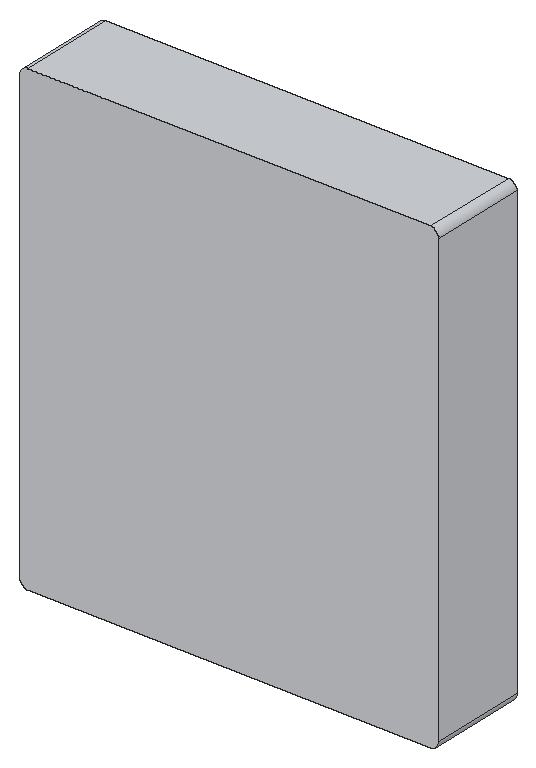
Revit family "Atlas_Sound_IP-SDMF_Wall_Surface_Mounted", category Communication Devices, host Wall, Revit 2016
Family settings
  Host = Wall
  Maintain Annotation Orientation = No
  Part Type = Normal
  Round Connector Dimension = Use Diameter
  Always vertical = Yes
  Cut with Voids When Loaded = No
  Shared = No
  Room Calculation Point = No
Parameters
  Warranty Duration (Years) = 0
  URL = "https://www.atlasied.com/ip-sdmf"
  Specification = ""
  SpecWizard = ""
  Send Message = ""
  Sales Information = ""
  Revision = ""
  Product Properties = ""
  Product Data = "https://www.atlasied.com/f/6028/IP-SDMF_Datasheet.pdf"
  OmniClass Title = ""
  OmniClass Number = ""
  MasterFormat04 Keynote = ""
  Manufacturer's Notes = ""
  Manufacturer Website = "https://www.atlasied.com/"
  Manufacturer Phone - Toll Free = "800-876-3333"
  Manufacturer Phone = "602-438-4545"
  Manufacturer Fax = "602-438-8692"
  Manufacturer Email = ""
  Manufacturer Address = "4545 E. Baseline Rd. Phoenix, AZ 85040"
  Manufacturer = "Atlas Sound"
  Maintenance Schedule (Months) = 0
  Installation-Fabrication = "https://www.atlasied.com/f/5898/ipx-series-endpoint-speaker-install-sheet.pdf"
  Installation Phase = ""
  Green Building-LEED = ""
  Expected Lifespan (Years) = 0
  Drawn By = "Matt Wunch"
  Description = "POE+ indoor wall mount IP speaker with LCD display and LED flashers"
  Copyright = "Arcat, Inc. ©2018"
  Construction Details = ""
  Company_ID = 0
  Category = ""
  Building Codes = ""
Reference planes (in)
  plane 1: y = 0
  plane 2 "Center (Left/Right)": x = 0
  plane 3 "Wall Edge": y = 3
Text (in)
  text "Placement Side" at (0, 40.15149, 123.01588), in view "Right"
  text "Placement Side" at (-70.3804, 28.46503, 0), in view "Ref. Level"
  text "Placement Side" at (0, 81.62555, 140.59947), in view "Left"
Dimensions and locks (in)
  locked: plane 3 "Wall Edge" to host wall
Nested families (in)
  nested 1: "Nested_Family_IP-SDMF" at (0, 3, 48) x (-1, 0, 0) z (0, 1, 0), type "Nested_Family_IP-SDMF"
Connectors (in)
  electrical at (0, 6, 48)
    settings: on nested 1, index 1, voltage 0 V, apparent load 0 VA, apparent load phase1 0 VA, apparent load phase2 0 VA, apparent load phase3 0 VA, power factor 1, load classification "Other", number of poles 1, system type 14, power factor state 1, is connector primary yes, connector utility no, sub classification motor no, connector description ""
Definition of nested family "Nested_Family_IP-SDMF"
  Parameters (values of type "Nested_Family_IP-SDMF")
    Width = 1' - 0 7/8"
    Warranty Duration (Years) = 0
    URL = "https://www.atlasied.com/ip-sm"
    Specification = ""
    SpecWizard = ""
    Send Message = ""
    Sales Information = ""
    Revision = ""
    Product Properties = ""
    Product Data = "https://www.atlasied.com/f/5898/ipx-series-endpoint-speaker-install-sheet.pdf"
    OmniClass Title = ""
    OmniClass Number = ""
    Model = "IP-SM"
    MasterFormat04 Keynote = ""
    Manufacturer's Notes = ""
    Manufacturer Website = "https://www.atlasied.com/"
    Manufacturer Phone - Toll Free = "800-876-3333"
    Manufacturer Phone = "602-438-4545"
    Manufacturer Fax = "602-438-8692"
    Manufacturer Email = ""
    Manufacturer Address = "4545 E. Baseline Rd. Phoenix, AZ 85040"
    Manufacturer = "Atlas Sound"
    Maintenance Schedule (Months) = 0
    Installation-Fabrication = "https://www.atlasied.com/f/5898/ipx-series-endpoint-speaker-install-sheet.pdf"
    Installation Phase = ""
    Height = 1' - 2 3/8"
    Green Building-LEED = ""
    Expected Lifespan (Years) = 0
    Drawn By = "Matt Wunch"
    Description = "POE+ indoor wall / ceiling mount IP speaker with paging microphone"
    Default Elevation = 4' - 0"
    Copyright = "Arcat, Inc. ©2018"
    Construction Details = ""
    Company_ID = 38830
    Category = ""
    Building Codes = ""
  Reference planes (in)
    plane 1 "Center (Front/Back)": y = 0
    plane 2: z = 0
    plane 3 "Center (Left/Right)": x = 0
    plane 4: x = -6.4375
    plane 5: x = 6.4375
    plane 6: y = -7.1875
    plane 7: y = 7.1875
  Forms (in)
    Extrusion 1, solid
      sketch origin (0, 0, 0) x (1, 0, 0) y (0, 1, 0)
        loop
          arc (-6.1875, 7.1875) -> (-6.36428, 7.11428) -> (-6.4375, 6.9375) r 0.25
          line (-6.4375, 6.9375) -> (-6.4375, -6.9375)
          arc (-6.4375, -6.9375) -> (-6.36428, -7.11428) -> (-6.1875, -7.1875) r 0.25
          line (-6.1875, -7.1875) -> (6.1875, -7.1875)
          arc (6.1875, -7.1875) -> (6.36428, -7.11428) -> (6.4375, -6.9375) r 0.25
          line (6.4375, -6.9375) -> (6.4375, 6.9375)
          arc (6.4375, 6.9375) -> (6.36428, 7.11428) -> (6.1875, 7.1875) r 0.25
          line (6.1875, 7.1875) -> (-6.1875, 7.1875)
      from 0 to 3
  Lines and regions (in)
    model lines
      curve 1: line (-6.0625, 6.6875, 3) -> (6.0625, 6.6875, 3)
      curve 2: line (-6.3125, -6.4375, 3) -> (-6.3125, 6.4375, 3)
      curve 3: line (6.0625, -6.6875, 3) -> (-6.0625, -6.6875, 3)
      curve 4: line (6.3125, 6.4375, 3) -> (6.3125, -6.4375, 3)
      curve 5: arc (-6.3125, 6.4375, 3) -> (-6.23928, 6.61428, 3) -> (-6.0625, 6.6875, 3) r 0.25
      curve 6: arc (6.0625, 6.6875, 3) -> (6.23928, 6.61428, 3) -> (6.3125, 6.4375, 3) r 0.25
      curve 7: arc (6.3125, -6.4375, 3) -> (6.23928, -6.61428, 3) -> (6.0625, -6.6875, 3) r 0.25
      curve 8: arc (-6.0625, -6.6875, 3) -> (-6.23928, -6.61428, 3) -> (-6.3125, -6.4375, 3) r 0.25
      curve 9: line (-5.375, -2.1875, 3) -> (5.375, -2.1875, 3)
      curve 10: line (-5.5, -5.5625, 3) -> (-5.5, -2.3125, 3)
      curve 11: line (5.375, -5.6875, 3) -> (2.125, -5.6875, 3)
      curve 12: line (5.5, -2.3125, 3) -> (5.5, -5.5625, 3)
      curve 13: arc (-5.5, -2.3125, 3) -> (-5.46339, -2.22411, 3) -> (-5.375, -2.1875, 3) r 0.125
      curve 14: arc (-5.5, -5.5625, 3) -> (-5.46339, -5.65089, 3) -> (-5.375, -5.6875, 3) r 0.125
      curve 15: arc (5.375, -5.6875, 3) -> (5.46339, -5.65089, 3) -> (5.5, -5.5625, 3) r 0.125
      curve 16: arc (5.5, -2.3125, 3) -> (5.46339, -2.22411, 3) -> (5.375, -2.1875, 3) r 0.125
      curve 17: line (-2, -5.8125, 3) -> (-2, -6.3125, 3)
      curve 18: line (-1.875, -6.4375, 3) -> (1.875, -6.4375, 3)
      curve 19: line (2, -6.3125, 3) -> (2, -5.8125, 3)
      curve 20: arc (-2, -6.3125, 3) -> (-1.96339, -6.40089, 3) -> (-1.875, -6.4375, 3) r 0.125
      curve 21: arc (1.875, -6.4375, 3) -> (1.96339, -6.40089, 3) -> (2, -6.3125, 3) r 0.125
      curve 22: line (-2.125, -5.6875, 3) -> (-5.375, -5.6875, 3)
      curve 23: arc (-2.125, -5.6875, 3) -> (-2.03661, -5.72411, 3) -> (-2, -5.8125, 3) r 0.125
      curve 24: arc (2, -5.8125, 3) -> (2.03661, -5.72411, 3) -> (2.125, -5.6875, 3) r 0.125
  Dimensions and locks (in)
    equal spacing: plane 4, plane 3 "Center (Left/Right)", plane 5
    "Width": plane 4 to plane 5
    equal spacing: plane 7, plane 1 "Center (Front/Back)", plane 6
    "Height": plane 7 to plane 6
    aligned and locked: plane 2 to level
    aligned and locked: Extrusion 1 sketch curve to plane 4
    aligned and locked: Extrusion 1 sketch curve to plane 7
    aligned and locked: Extrusion 1 sketch curve to plane 5
    aligned and locked: Extrusion 1 sketch curve to plane 6
  Automatic sketch dimensions
    Extrusion 1 sketch curve to plane 4 = 0' - 0 1/4"  (x2)
    Extrusion 1 sketch curve to plane 5 = 0' - 0 1/4"  (x2)
    curve 8 to Extrusion 1 = 0' - 0 3/8"
    curve 5 to Extrusion 1 = 0' - 0 3/8"
    curve 6 to Extrusion 1 = 0' - 0 3/8"
    curve 7 to Extrusion 1 = 0' - 0 3/8"
    curve 8 to Extrusion 1 = 0' - 0 3/4"
    curve 6 to Extrusion 1 = 0' - 0 3/4"
    curve 2 to Extrusion 1 = 0' - 0 1/8"
    curve 6 to Extrusion 1 = 0' - 0 1/8"
    curve 14 to Extrusion 1 = 0' - 1 1/16"
    curve 13 to Extrusion 1 = 0' - 1 1/16"
    curve 14 to curve 23 = 0' - 3 1/4"
    curve 20 to curve 21 = 0' - 3 3/4"
    curve 21 to curve 24 = 0' - 0 1/4"
    curve 16 to Extrusion 1 = 0' - 1 1/16"
    curve 15 to Extrusion 1 = 0' - 1 1/16"
    curve 20 to curve 23 = 0' - 0 1/2"
    curve 21 to curve 24 = 0' - 0 1/2"
    curve 8 to curve 14 = 0' - 0 7/8"
    curve 14 to curve 13 = 0' - 3 1/4"
    curve 14 to curve 14 = 0' - 0 1/8"
    curve 23 to curve 23 = 0' - 0 1/8"
    curve 17 to curve 20 = 0' - 0 1/8"
    curve 19 to curve 24 = 0' - 0 1/8"
    curve 15 to curve 15 = 0' - 0 1/8"
